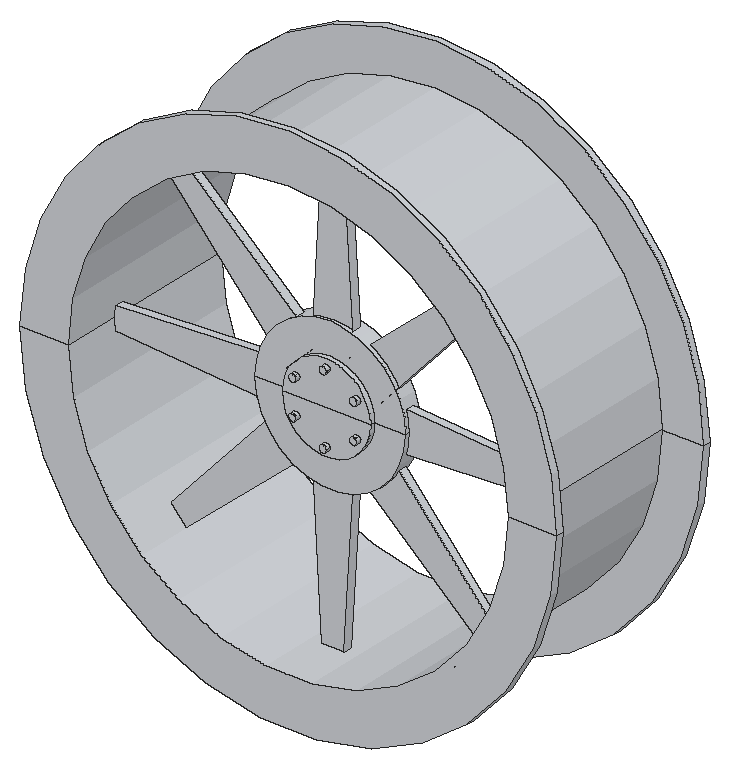
Revit family "CADS_Vent-Axia_MechEquip_Fan_VSC_SabreSickleShortCased_1Ph4P - EXTRACT", category Mechanical Equipment, Revit 2020
Family settings
  Round Connector Dimension = Use Diameter
  Part Type = Normal
  OmniClass Number = 23.75.00.00
  OmniClass Title = Climate Control (HVAC)
  Work Plane-Based = No
  Always vertical = Yes
  Cut with Voids When Loaded = No
  Shared = No
  Room Calculation Point = No
Parameters (values of type "VSC31514B")
  WorkingPressure = 0.0 Pa
  WarrantyStartDate [instance] = "1900-12-31T23:59:59"
  WarrantyPeriod = ""
  WarrantyIdentifier = "N/A"
  WarrantyGuarantorParts = "tech@vent-axia.com"
  WarrantyGuarantorLabor = "tech@vent-axia.com"
  WarrantyGuarantor = "Vent-Axia Limited"
  WarrantyEndDate [instance] = "1900-12-31T23:59:59"
  WarrantyContent = ""
  TemperatureRange = ""
  TagNumber [instance] = "N/A"
  SustainabilityPerformance = ""
  Status = "New"
  Size = ""
  Shape = ""
  ServiceLifeType = ""
  ServiceLifeDuration = ""
  SerialNumber [instance] = "N/A"
  ReplacementCost = ""
  RatedVoltage = 0 V
  RatedCurrent = 0 A
  Quantity = 1
  ProductionYear = ""
  PressureCurve = ""
  PowerFactor = ""
  PointOfContact = ""
  NumberOfPoles = 0
  NominalWidth = 315 mm
  NominalLength = 136.5 mm
  NominalHeight = 315 mm
  NominalFrequencyRange = ""
  NominalDiameter = 315 mm
  ModelReference = "315MM 1PH 4P CASED FAN FN031-4EF.WD.V7 169503"
  ModelNumber = "VSC31514B"
  Material = ""
  ManufacturerE-Mail = "tech@vent-axia.com"
  ManufacturerAddress = "Fleming Way\nCrawley \nRH10 9YX"
  IsExtendedWarranty = no
  InsulationStandardClass = ""
  InstallationDate [instance] = "1900-12-31T23:59:59"
  IfcExportType [instance] = ""
  IfcExportAs = "IfcFanType"
  IP_Code = ""
  HasProtectiveEarth = no
  GrossWeight = 0.00 kg
  Grade = ""
  GlobalTradeItemNumber [instance] = "N/A"
  Fitting Type = "Ignore"
  Finish = ""
  Features = ""
  ExteriorInsulation = no
  ExpectedServiceLife = 0
  Exclusions = ""
  DurationUnit = "Year"
  Default Elevation = 0 mm
  Constituents = ""
  ConductorFunction = ""
  Color = ""
  CodePerformance = ""
  Category = ""
  CADS_Usage = 0
  CADS_Index = 0
  AssetType = "FIXED"
  AssetIdentifier [instance] = "N/A"
  AssemblyPlace = "UNKNOWN"
  ArticleNumber [instance] = "N/A"
  AirflowRateRange = 0.0 L/s
  Air Flow [instance] = 0.0 L/s
  AccessibilityPerformance = ""
Types (7, lengths in mm): name | NominalWidth | NominalLength | NominalHeight | NominalDiameter | ModelReference | ModelNumber
  VSC31514B | 315 | 136.5 | 315 | 315 | "315MM 1PH 4P CASED FAN FN031-4EF.WD.V7 169503" | "VSC31514B"
  VSC35514B | 355 | 136.5 | 355 | 355 | "355MM 1PH 4P CASED FAN FN035-4EF.WD.A7 169506" | "VSC35514B"
  VSC40014A | 400 | 155 | 400 | 400 | "OWLET SICKLE CASED FAN 400DIA 1PH 4 POLE" | "VSC40014A"
  VSC45014B | 450 | 160 | 450 | 450 | "450MM 1PH 4P CASED FAN FN045-4EF.4I.V7P1 169507" | "VSC45014B"
  VSC50014B | 500 | 166 | 500 | 500 | "500MM 1PH 4P CASED FAN FN050-4EF.4I.V7P1 169621" | "VSC50014B"
  VSC56014B | 560 | 210 | 560 | 560 | "560MM 1PH 4P CASED FAN FN056-4EF.6K.A7P3 169512" | "VSC56014B"
  VSC63014B | 630 | 225.5 | 630 | 630 | "630MM 1PH 4P CASED FAN FN063-4EF.6N.A7P6 169518" | "VSC63014B"
Reference planes
  plane 1 "Center (Front/Back)": y = 0
  plane 2: z = 0
  plane 3 "Center (Left/Right)": x = 0
  plane 4: x = -157.5
  plane 5: x = 157.5
  plane 6 "F": y = -68.25
  plane 7 "B": y = 68.25
  plane 8: x = -192.5
  plane 9: y = 63.25
  plane 10: y = -63.25
  plane 11: x = -162.5
  plane 12: y = -28.25
  plane 13 "top": z = 157.5
  plane 14: z = -157.5
Forms (mm)
  Revolve 1, solid
    sketch origin (0, 0, 0) x (1, 0, 0) y (0, 1, 0)
      loop
        line (-192.5, -68.25) -> (-157.5, -68.25) -> (-157.5, 68.25) -> (-192.5, 68.25) -> (-192.5, 63.25) -> (-162.5, 63.25) -> (-162.5, -63.25) -> (-192.5, -63.25) -> (-192.5, -68.25)
      axis (0, 68.25) -> (0, -68.25)
    angle from 0 to 360
Dimensions and locks
  equal spacing: plane 4, plane 3 "Center (Left/Right)", plane 5
  equal spacing: plane 7 "B", plane 1 "Center (Front/Back)", plane 6 "F"
  "NominalLength": plane 7 "B" to plane 6 "F"
  "NominalDiameter": plane 4 to plane 5
  locked: plane 11 to plane 4 at 5
  locked: plane 8 to plane 11 at 30
  locked: plane 6 "F" to plane 10 at 5
  locked: plane 7 "B" to plane 9 at 5
  locked: plane 6 "F" to plane 12 at 40
  equal spacing: plane 13 "top", level, plane 14
  "NominalDiameter": plane 13 "top" to plane 14
  aligned and locked: level to plane 2
  aligned and locked: nested 1 to plane 12
Automatic sketch dimensions
  plane 6 "F" to Revolve 1 sketch curve = 0 mm
  Revolve 1 sketch curve to plane 8 = 0 mm  (x2)
  plane 10 to Revolve 1 sketch curve = 0 mm
  Revolve 1 sketch curve to plane 11 = 0 mm
  Revolve 1 sketch curve to plane 4 = 0 mm
  Revolve 1 sketch curve to plane 3 "Center (Left/Right)" = 0 mm
  plane 1 "Center (Front/Back)" to Revolve 1 sketch curve = 0 mm
  Revolve 1 sketch curve to plane 9 = 0 mm
  Revolve 1 sketch curve to plane 7 "B" = 0 mm
  plane 6 "F" to Revolve 1 sketch curve = 115 mm
Nested families
  nested 1: "Fan for ESC" at (0, -28.25, 0), ND <- "NominalDiameter", type "Fan for ESC"
    with hub 31.5 mm, ND 315 mm, BoltPCD 25.2 mm, Bolt Count 6, B_Diam 5 mm
  nested 2: "Bolts" at (21.824, -37.422, -12.6) x (-0.5, 0, -0.866) z (0, 1, 0), type "Bolts"
    with bd 5 mm
  nested 3: "Bolts" at (0, -37.422, -25.2) x (-1, 0, 0) z (0, 1, 0), type "Bolts"
    with bd 5 mm
  nested 4: "Bolts" at (-21.824, -37.422, -12.6) x (-0.5, 0, 0.866) z (0, 1, 0), type "Bolts"
    with bd 5 mm
  nested 5: "Bolts" at (-21.824, -37.422, 12.6) x (0.5, 0, 0.866) z (0, 1, 0), type "Bolts"
    with bd 5 mm
  nested 6: "Bolts" at (21.824, -37.422, 12.6) x (0.5, 0, -0.866) z (0, 1, 0), type "Bolts"
    with bd 5 mm
  nested 7: "Bolts" at (0, -37.422, 25.2) x (1, 0, 0) z (0, 1, 0), type "Bolts"
    with bd 5 mm
  nested 8: "ESC Blade" at (0, -28.25, 0), type "ESC Blade"
    with a 20.00°, HR 31.5 mm, HD 63 mm, BT 15.75 mm, BR 126 mm, BH 40 mm, BD 315 mm, BB 31.5 mm
  nested 9: "ESC Blade" at (0, -28.25, 0) x (0.7071, 0, -0.7071) z (0.7071, 0, 0.7071), type "ESC Blade"
    with a 20.00°, HR 31.5 mm, HD 63 mm, BT 15.75 mm, BR 126 mm, BH 40 mm, BD 315 mm, BB 31.5 mm
  nested 10: "ESC Blade" at (0, -28.25, 0) x (0, 0, -1) z (1, 0, 0), type "ESC Blade"
    with a 20.00°, HR 31.5 mm, HD 63 mm, BT 15.75 mm, BR 126 mm, BH 40 mm, BD 315 mm, BB 31.5 mm
  nested 11: "ESC Blade" at (0, -28.25, 0) x (-0.7071, 0, -0.7071) z (0.7071, 0, -0.7071), type "ESC Blade"
    with a 20.00°, HR 31.5 mm, HD 63 mm, BT 15.75 mm, BR 126 mm, BH 40 mm, BD 315 mm, BB 31.5 mm
  nested 12: "ESC Blade" at (0, -28.25, 0) x (-1, 0, 0) z (0, 0, -1), type "ESC Blade"
    with a 20.00°, HR 31.5 mm, HD 63 mm, BT 15.75 mm, BR 126 mm, BH 40 mm, BD 315 mm, BB 31.5 mm
  nested 13: "ESC Blade" at (0, -28.25, 0) x (-0.7071, 0, -0.7071) z (-0.7071, 0, 0.7071), type "ESC Blade"
    with a 20.00°, HR 31.5 mm, HD 63 mm, BT 15.75 mm, BR 126 mm, BH 40 mm, BD 315 mm, BB 31.5 mm
  nested 14: "ESC Blade" at (0, -28.25, 0) x (0, 0, -1) z (-1, 0, 0), type "ESC Blade"
    with a 20.00°, HR 31.5 mm, HD 63 mm, BT 15.75 mm, BR 126 mm, BH 40 mm, BD 315 mm, BB 31.5 mm
  nested 15: "ESC Blade" at (0, -28.25, 0) x (0.7071, 0, -0.7071) z (-0.7071, 0, -0.7071), type "ESC Blade"
    with a 20.00°, HR 31.5 mm, HD 63 mm, BT 15.75 mm, BR 126 mm, BH 40 mm, BD 315 mm, BB 31.5 mm
Connectors
  hvac at (0, -68.25, 0), driven by "NominalDiameter", driven by "Air Flow"
    settings: on Revolve 1, index 1, duct flow 0.0 L/s, flow factor 0, pres drop 0.0 Pa, loss coef 0, conn angle 0.00°, conn width 304.8 mm, conn height 304.8 mm, conn diameter 315 mm, duct sys type 2, conn prof type 0, flow config 0, flow direction 1, loss method 0, conn ref index -1, conn util no, is conn primary yes, conn desc ""
  hvac at (0, 68.25, 0), driven by "NominalDiameter", driven by "Air Flow"
    settings: on Revolve 1, index 2, duct flow 0.0 L/s, flow factor 0, pres drop 0.0 Pa, loss coef 0, conn angle 0.00°, conn width 304.8 mm, conn height 304.8 mm, conn diameter 315 mm, duct sys type 3, conn prof type 0, flow config 1, flow direction 2, loss method 0, conn ref index -1, conn util no, is conn primary no, conn desc ""
Definition of nested family "Fan for ESC"
  Parameters (values of type "Fan for ESC")
    hub [instance] = ND / 10  # 56.7 mm
    ND [instance] = 567 mm
    Model = "."
    Default Elevation = 0 mm
    BoltPCD [instance] = hub - (hub * 0.2)  # 45.36 mm
    Bolt Count [instance] = if(hub < 50 mm, 6, 8)  # 8
    B_Diam [instance] = if(hub < 50 mm, 5 mm, 10 mm)  # 10 mm
  Reference planes
    plane 1 "Center (Front/Back)": y = 0
    plane 2: z = 0
    plane 3 "Center (Left/Right)": x = 0
    plane 4 "back": y = 20
    plane 5 "bolts": y = -9.172
    plane 6 "B": z = 56.7
    plane 7: x = -79.287
    plane 8: x = -56.7
    plane 9 "hubface": y = -6.172
  Forms (mm)
    Revolve 1, solid
      sketch origin (0, 0, 0) x (1, 0, 0) y (0, 1, 0)
        loop
          line (0, 20) -> (-56.7, 20) -> (-56.7, 10.504) -> (-79.287, 10.504) -> (-79.287, -2.597) -> (-56.7, -2.597) -> (-56.7, -6.172) -> (0, -6.172) -> (0, 20)
        axis (0, 20) -> (0, -6.172)
      angle from 0 to 360
    Extrusion 2, solid, not visible
      sketch origin (0, -6.347, -4) x (-1, 0, 0) y (0, 0, 1)
        loop
          circle (0, 84) r 5
      from 0 to 3
  Lines and regions (mm)
    symbolic lines
      curve 1: circle (0, -9.172, 0) r 45.36 normal (0, 1, 0)
    model lines, not visible
      curve 2: line (0, -6.347, 85) -> (0, -6.347, 75)
  Dimensions and locks
    "hub": plane 6 "B" to plane 2
    "hub": nested 3 to plane 3 "Center (Left/Right)"
    "hub": nested 4 to plane 3 "Center (Left/Right)"
    "hub": nested 5 to plane 3 "Center (Left/Right)"
    "hub": plane 3 "Center (Left/Right)" to nested 6
    "hub": Revolve 1 sketch curve to Revolve 1 sketch curve
    "hub": plane 3 "Center (Left/Right)" to nested 7
    "hub": plane 3 "Center (Left/Right)" to nested 8
    "hub": plane 3 "Center (Left/Right)" to nested 9
    "hub": plane 8 to plane 3 "Center (Left/Right)"
    plane 7 to plane 8 = 22.587 mm
    diameter of Extrusion 2 sketch curve = 10 mm
    "BoltPCD": radius of curve 1
    "BoltPCD": radius of radial array
    aligned and locked: level to plane 2
    aligned and locked: plane 6 "B" to nested 1
  Automatic sketch dimensions
    Revolve 1 sketch curve to plane 7 = 0 mm
    Revolve 1 sketch curve to plane 8 = 0 mm  (x2)
    Revolve 1 sketch curve to plane 3 "Center (Left/Right)" = 0 mm
    Revolve 1 sketch curve to plane 9 "hubface" = 0 mm
    plane 4 "back" to Revolve 1 sketch curve = 0 mm
    plane 1 "Center (Front/Back)" to Revolve 1 sketch curve = 2.597 mm
    plane 4 "back" to Revolve 1 sketch curve = 9.496 mm
    Revolve 1 sketch curve to Revolve 1 sketch curve = 5 mm
    Revolve 1 sketch curve to plane 4 "back" = 45 mm
    curve 1 to level = 0 mm
    curve 1 to plane 3 "Center (Left/Right)" = 0 mm
  Nested families
    nested 1: "ESC Blade" at (0, 0, 0), BD <- "ND", HD <- "hub", type "ESC Blade"
      with a 20.00°, HR 56.7 mm, HD 113.4 mm, BT 28.35 mm, BR 226.8 mm, BH 40 mm, BD 567 mm, BB 56.7 mm
    nested 2: "ESC Blade" at (0, 0, 755), BD <- "ND", HD <- "hub", type "ESC Blade", not visible
      with a 20.00°, HR 56.7 mm, HD 113.4 mm, BT 28.35 mm, BR 226.8 mm, BH 40 mm, BD 567 mm, BB 56.7 mm
    nested 3: "ESC Blade" at (0, 0, 0) x (0.7071, 0, -0.7071) z (0.7071, 0, 0.7071), BD <- "ND", HD <- "hub", type "ESC Blade"
      with a 20.00°, HR 56.7 mm, HD 113.4 mm, BT 28.35 mm, BR 226.8 mm, BH 40 mm, BD 567 mm, BB 56.7 mm
    nested 4: "ESC Blade" at (0, 0, 0) x (0, 0, -1) z (1, 0, 0), BD <- "ND", HD <- "hub", type "ESC Blade"
      with a 20.00°, HR 56.7 mm, HD 113.4 mm, BT 28.35 mm, BR 226.8 mm, BH 40 mm, BD 567 mm, BB 56.7 mm
    nested 5: "ESC Blade" at (0, 0, 0) x (-0.7071, 0, -0.7071) z (0.7071, 0, -0.7071), BD <- "ND", HD <- "hub", type "ESC Blade"
      with a 20.00°, HR 56.7 mm, HD 113.4 mm, BT 28.35 mm, BR 226.8 mm, BH 40 mm, BD 567 mm, BB 56.7 mm
    nested 6: "ESC Blade" at (0, 0, 0) x (-1, 0, 0) z (0, 0, -1), BD <- "ND", HD <- "hub", type "ESC Blade"
      with a 20.00°, HR 56.7 mm, HD 113.4 mm, BT 28.35 mm, BR 226.8 mm, BH 40 mm, BD 567 mm, BB 56.7 mm
    nested 7: "ESC Blade" at (0, 0, 0) x (-0.7071, 0, -0.7071) z (-0.7071, 0, 0.7071), BD <- "ND", HD <- "hub", type "ESC Blade"
      with a 20.00°, HR 56.7 mm, HD 113.4 mm, BT 28.35 mm, BR 226.8 mm, BH 40 mm, BD 567 mm, BB 56.7 mm
    nested 8: "ESC Blade" at (0, 0, 0) x (0, 0, -1) z (-1, 0, 0), BD <- "ND", HD <- "hub", type "ESC Blade"
      with a 20.00°, HR 56.7 mm, HD 113.4 mm, BT 28.35 mm, BR 226.8 mm, BH 40 mm, BD 567 mm, BB 56.7 mm
    nested 9: "ESC Blade" at (0, 0, 0) x (0.7071, 0, -0.7071) z (-0.7071, 0, -0.7071), BD <- "ND", HD <- "hub", type "ESC Blade"
      with a 20.00°, HR 56.7 mm, HD 113.4 mm, BT 28.35 mm, BR 226.8 mm, BH 40 mm, BD 567 mm, BB 56.7 mm
    nested 10: "Bolts" at (0, -9.172, 45.36) x (1, 0, 0) z (0, 1, 0), bd <- "B_Diam", type "Bolts"
      with bd 10 mm
    nested 11: "Bolts" at (32.074, -9.172, 32.074) x (0.7071, 0, -0.7071) z (0, 1, 0), bd <- "B_Diam", type "Bolts"
      with bd 10 mm
    nested 12: "Bolts" at (-32.074, -9.172, 32.074) x (0.7071, 0, 0.7071) z (0, 1, 0), bd <- "B_Diam", type "Bolts"
      with bd 10 mm
    nested 13: "Bolts" at (-45.36, -9.172, 0) x (0, 0, 1) z (0, 1, 0), bd <- "B_Diam", type "Bolts"
      with bd 10 mm
    nested 14: "Bolts" at (-32.074, -9.172, -32.074) x (-0.7071, 0, 0.7071) z (0, 1, 0), bd <- "B_Diam", type "Bolts"
      with bd 10 mm
    nested 15: "Bolts" at (0, -9.172, -45.36) x (-1, 0, 0) z (0, 1, 0), bd <- "B_Diam", type "Bolts"
      with bd 10 mm
    nested 16: "Bolts" at (32.074, -9.172, -32.074) x (-0.7071, 0, -0.7071) z (0, 1, 0), bd <- "B_Diam", type "Bolts"
      with bd 10 mm
    nested 17: "Bolts" at (45.36, -9.172, 0) x (0, 0, -1) z (0, 1, 0), bd <- "B_Diam", type "Bolts"
      with bd 10 mm
  Definition of nested family "ESC Blade"
    Parameters (values of type "ESC Blade")
      a [instance] = 20.00°
      HR [instance] = HD / 2  # 30 mm
      HD [instance] = BD / 5  # 60 mm
      Default Elevation = 1219.2 mm
      BT [instance] = BD / 20  # 15 mm
      BR [instance] = (BD / 2) - HR  # 120 mm
      BH [instance] = 40 mm
      BD [instance] = 300 mm
      BB [instance] = BD / 10  # 30 mm
    Reference planes
      plane 1 "Center (Front/Back)": y = 0
      plane 2: z = 0
      plane 3 "Center (Left/Right)": x = 0
      plane 4 "Blade Bot": z = 30
      plane 5: x = -15
      plane 6: x = 15
      plane 7: x = -7.5
      plane 8: x = 7.5
    Forms (mm)
      Blend 1, solid
        base sketch origin (0, 0, 30) x (-1, 0, 0) y (0, -1, 0)
          loop
            line (15, 0) -> (-15, 0) -> (-15, -6) -> (15, -6) -> (15, 0)
        top sketch origin (0, 0, 30) x (-1, 0, 0) y (0, -1, 0)
          loop
            line (7.5, -6) -> (7.5, 0) -> (-7.5, 0) -> (-7.5, -6) -> (7.5, -6)
        from 0 to 120 <- "BR"
    Dimensions and locks
      "HR": plane 4 "Blade Bot" to level
      equal spacing: plane 8, plane 3 "Center (Left/Right)", plane 7
      "BT": plane 8 to plane 7
      equal spacing: plane 6, plane 3 "Center (Left/Right)", plane 5
      "BB": plane 6 to plane 5
      aligned and locked: level to plane 2
    Automatic sketch dimensions
      plane 1 "Center (Front/Back)" to Blend 1 sketch curve = 0 mm  (x2)
      Blend 1 sketch curve to plane 6 = 0 mm
      Blend 1 sketch curve to plane 5 = 0 mm
      Blend 1 sketch curve to plane 1 "Center (Front/Back)" = 6 mm  (x2)
      Blend 1 sketch curve to plane 8 = 0 mm
      Blend 1 sketch curve to plane 7 = 0 mm
  Definition of nested family "Bolts"
    Parameters
      bd [instance] = 10 mm
      Default Elevation = 1219.2 mm
    Reference planes
      plane 1 "Center (Front/Back)": y = 0
      plane 2: z = 0
      plane 3 "Center (Left/Right)": x = 0
    Forms (mm)
      Extrusion 1, solid
        sketch origin (0, 0, 0) x (1, 0, 0) y (0, 1, 0)
          loop
            line (-1219.2, 1219.2) -> (-1219.2, -1219.2) -> (1219.2, -1219.2) -> (1219.2, 1219.2) -> (-1219.2, 1219.2)
        from 0 to -304.8
      Extrusion 2, solid
        sketch origin (0, 0, 0) x (1, 0, 0) y (0, 1, 0)
          loop
            circle (0, 0) r 5
        from 0 to 3
    Dimensions and locks
      "bd": diameter of Extrusion 2 sketch curve
      aligned and locked: plane 2 to Extrusion 1
      aligned and locked: level to Extrusion 1
    Automatic sketch dimensions
      Extrusion 1 sketch curve to Extrusion 1 sketch curve = 2438.4 mm  (x2)
      plane 1 "Center (Front/Back)" to Extrusion 2 sketch curve = 0 mm
      Extrusion 2 sketch curve to plane 3 "Center (Left/Right)" = 0 mm
Definition of nested family "Bolts"
  Parameters
    bd [instance] = 10 mm
    Default Elevation = 1219.2 mm
  Reference planes
    plane 1 "Center (Front/Back)": y = 0
    plane 2: z = 0
    plane 3 "Center (Left/Right)": x = 0
  Forms (mm)
    Extrusion 1, solid
      sketch origin (0, 0, 0) x (1, 0, 0) y (0, 1, 0)
        loop
          line (-1219.2, 1219.2) -> (-1219.2, -1219.2) -> (1219.2, -1219.2) -> (1219.2, 1219.2) -> (-1219.2, 1219.2)
      from 0 to -304.8
    Extrusion 2, solid
      sketch origin (0, 0, 0) x (1, 0, 0) y (0, 1, 0)
        loop
          circle (0, 0) r 5
      from 0 to 3
  Dimensions and locks
    "bd": diameter of Extrusion 2 sketch curve
    aligned and locked: plane 2 to Extrusion 1
    aligned and locked: level to Extrusion 1
  Automatic sketch dimensions
    Extrusion 1 sketch curve to Extrusion 1 sketch curve = 2438.4 mm  (x2)
    plane 1 "Center (Front/Back)" to Extrusion 2 sketch curve = 0 mm
    Extrusion 2 sketch curve to plane 3 "Center (Left/Right)" = 0 mm
Definition of nested family "ESC Blade"
  Parameters (values of type "ESC Blade")
    a [instance] = 20.00°
    HR [instance] = HD / 2  # 30 mm
    HD [instance] = BD / 5  # 60 mm
    Default Elevation = 1219.2 mm
    BT [instance] = BD / 20  # 15 mm
    BR [instance] = (BD / 2) - HR  # 120 mm
    BH [instance] = 40 mm
    BD [instance] = 300 mm
    BB [instance] = BD / 10  # 30 mm
  Reference planes
    plane 1 "Center (Front/Back)": y = 0
    plane 2: z = 0
    plane 3 "Center (Left/Right)": x = 0
    plane 4 "Blade Bot": z = 30
    plane 5: x = -15
    plane 6: x = 15
    plane 7: x = -7.5
    plane 8: x = 7.5
  Forms (mm)
    Blend 1, solid
      base sketch origin (0, 0, 30) x (-1, 0, 0) y (0, -1, 0)
        loop
          line (15, 0) -> (-15, 0) -> (-15, -6) -> (15, -6) -> (15, 0)
      top sketch origin (0, 0, 30) x (-1, 0, 0) y (0, -1, 0)
        loop
          line (7.5, -6) -> (7.5, 0) -> (-7.5, 0) -> (-7.5, -6) -> (7.5, -6)
      from 0 to 120 <- "BR"
  Dimensions and locks
    "HR": plane 4 "Blade Bot" to level
    equal spacing: plane 8, plane 3 "Center (Left/Right)", plane 7
    "BT": plane 8 to plane 7
    equal spacing: plane 6, plane 3 "Center (Left/Right)", plane 5
    "BB": plane 6 to plane 5
    aligned and locked: level to plane 2
  Automatic sketch dimensions
    plane 1 "Center (Front/Back)" to Blend 1 sketch curve = 0 mm  (x2)
    Blend 1 sketch curve to plane 6 = 0 mm
    Blend 1 sketch curve to plane 5 = 0 mm
    Blend 1 sketch curve to plane 1 "Center (Front/Back)" = 6 mm  (x2)
    Blend 1 sketch curve to plane 8 = 0 mm
    Blend 1 sketch curve to plane 7 = 0 mm
